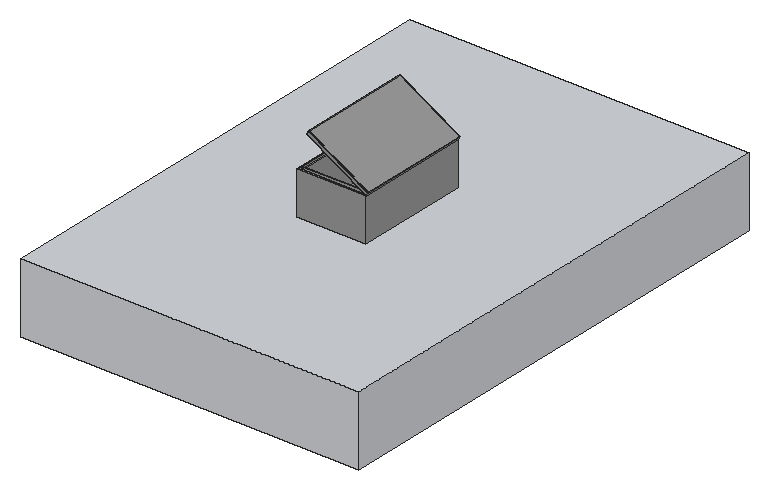
Revit family "Hager-Univers-IP44-D205-Cl.I-enclosure_metering-CH-de", category Equipement électrique, Revit 2020
Family settings
  Hôte = Face
  Configuration du panneau = Deux colonnes, circuits au sein
  Cote de connecteur circulaire = Utiliser le diamètre
  Type d'élément = Tableau de raccordement
  Couper avec des vides une fois chargée = Non
  Partagée = Non
  Point de calcul de pièce = Non
Parameters (values of type "Aufputz IP44 B300 H500 T205  - ZB011T")
  Width Control [instance] = if([EF000008 - Breite] > Min Width, [EF000008 - Breite], Min Width)  # 300 mm
  Commentaires du type = [HG000003 - Bereich]  # "Univers"
  Thickness Door [instance] = if([EF009171 - Materialstärke Tür/Deckel] > 3 mm, 3 mm, [EF009171 - Materialstärke Tür/Deckel])  # 1 mm
  Seal Frame Offset [instance] = 17 mm  # constant formula
  Plinth Visibility [instance] = [HG000027 - Sockelhöhe] > 0 mm  # no
  Model = ""
  Min Width [instance] = 100 mm  # constant formula
  Min Height [instance] = 100 mm  # constant formula
  Min Depth [instance] = (2 * [EF009170 - Materialstärke Gehäuse]) + 1 mm  # 3 mm
  Internal Frame Depth [instance] = (Door System Depth * 0.5)  # 9 mm
  Height Control [instance] = if([EF000040 - Höhe] > Min Height, [EF000040 - Höhe], Min Height)  # 500 mm
  HG000027 - Sockelhöhe = 0 mm
  HG000026 - Stehend auf dem Boden = no
  HG000024 - Höhe des unteren Teils = 800 mm
  HG000023 - Gehäuse mit doppeltem Querschnitt = no
  HG000016 - 3D-Türsichtbarkeit [instance] = yes
  HG000015 - Sichtbarkeit der Türöffnung [instance] = no
  HG000014 - Tür rechts [instance] = yes
  HG000013 - Tür links [instance] = not([HG000014 - Tür rechts])  # no
  HG000012 - Türschwenkwinkel [instance] = 30.00°
  HG000010 - Asymmetrische Türen = no
  HG000009 - Doppelflügeligen Tür = no
  HG000006 - Unterputz = no
  HG000004 - Herstellerreferenz = "ZB011T"
  HG000003 - Bereich = "Univers"
  HG000002 - Mit tür = yes
  Frame Offset Bottom [instance] = 10 mm  # constant formula
  Frame Offset [instance] = 15 mm  # constant formula
  EF015940 - Deckel mit Überdruckentlastung = no
  EF011959 - Schutzart (NEMA) = ""
  EF009554 - Anzahl der Öffnungen für Flanschplatten = 0
  Fabricant = "Hager"  # constant formula
  EF009212 - Ausführung Deckel = "EV000116 - geschlossen"
  EF009171 - Materialstärke Tür/Deckel = 1 mm
  EF009170 - Materialstärke Gehäuse = 1 mm
  EF008873 - Nennstrom (In) = 250 A
  EF007800 - Geeignet für Blitzschutz = no
  EF006306 - Mit Schloss = no
  EF006244 - Transparenter Deckel/Tür = no
  EF005474 - Schutzart (IP) = "EV006418 - IP44"
  EF004464 - Art der Tür = "EV002646 - Einzel"
  EF004427 - Anzahl der Module = 48
  EF004293 - Schlagfestigkeit = "EV006815 - IK09"
  EF003532 - Geeignet für Außengebrauch = no
  EF002950 - Breite in Teilungseinheiten = 0
  EF001613 - Funktionserhalt = "EV000494 - ohne"
  EF001596 - Werkstoff des Gehäuses = "EV000179 - Stahl"
  EF001131 - Innentiefe = 0 mm
  EF001088 - Anbaumöglichkeit = yes
  EF000437 - Anzahl der Leitungseinführungen = 0
  EF000339 - Art der Abdeckung = "EV004216 - Tür"
  EF000266 - Anzahl der Reihen = 4
  EF000218 - Einbautiefe = 0 mm
  EF000118 - Mit Montageplatte = no
  EF000116 - RAL-Nummer = "9010"
  EF000049 - Tiefe = 205 mm
  EF000040 - Höhe = 500 mm
  EF000008 - Breite = 300 mm
  EF000007 - Farbe = "EV000202 - weiß"
  EF000003 - Montageart = "EV000384 - Aufputz"
  Door System Leaf Tolerance [instance] = 1.5 mm  # constant formula
  Door System Depth [instance] = 18 mm  # constant formula
  Door Height [instance] = Height Control - [HG000027 - Sockelhöhe]  # 500 mm
  Depth Control [instance] = if([EF000049 - Tiefe] > Min Depth, [EF000049 - Tiefe], Min Depth)  # 205 mm
  Default Elevation = 0 mm
  Connector Offset [instance] = Height Control / 2  # 250 mm
  Bottom Top Plate Trim [instance] = 1.5 mm  # constant formula
  Plinth height Ctrl [instance] = if([HG000027 - Sockelhöhe] > 0 mm, [HG000027 - Sockelhöhe], 12 mm)  # 12 mm
Types (3, lengths in mm): name | Width Control | HG000004 - Herstellerreferenz | EF004464 - Art der Tür | EF004427 - Anzahl der Module | EF000266 - Anzahl der Reihen | EF000008 - Breite
  Aufputz IP44 B1050 H500 T205  - ZB014T | 1050 | "ZB014T" | "EV003602 - Doppel" | 144 | 0 | 1050
  Aufputz IP44 B1300 H500 T205  - ZB015T | 1300 | "ZB015T" | "EV003602 - Doppel" | 180 | 0 | 1300
  Aufputz IP44 B300 H500 T205  - ZB011T | 300 | "ZB011T" | "EV002646 - Einzel" | 48 | 4 | 300
Reference planes
  plane 1 "Center (Front/Back)": y = 0
  plane 2: z = 0
  plane 3 "Center (Left/Right)": x = 0
  plane 4: z = 205
  plane 5: y = 1
  plane 6: y = 250
  plane 7: y = 0
  plane 8: y = 500
  plane 9: z = 0
  plane 10: x = -135
  plane 11: x = 135
  plane 12: x = 134
  plane 13: x = -134
  plane 14: y = 499
  plane 15: x = -133
  plane 16: x = -150
  plane 17: x = 133
  plane 18: x = 150
  plane 19: x = 149
  plane 20: x = -149
  plane 21: y = 11
  plane 22: y = 500
  plane 23: y = 484
  plane 24: z = 187
  plane 25: z = 1
  plane 26: z = 186
  plane 27: z = 204
Forms (mm)
  Extrusion 1, solid
    sketch origin (0, 0, 0) x (1, 0, 0) y (0, 1, 0)
      loop
        line (-702.964, 1305) -> (-702.964, -811.445) -> (766.763, -811.445) -> (766.763, 1305) -> (-702.964, 1305)
    from 0 to -304.8
  Extrusion 2, solid, material "Hager_Steel_RAL7035_Light_Grey", visible <- "Plinth Visibility", detail levels medium+fine
    sketch origin (0, 0, 0) x (1, 0, 0) y (0, 1, 0)
      loop
        line (-150, 0) -> (150, 0) -> (150, 12) -> (-150, 12) -> (-150, 0)
    from 0 to 187
  Extrusion 3, solid, material "Hager_Steel_RAL7035_Light_Grey", detail levels medium+fine
    sketch origin (0, 0, 0) x (1, 0, 0) y (0, 1, 0)
      loop
        line (-150, 0) -> (150, 0) -> (150, 500) -> (-150, 500) -> (-150, 0)
    from 0 to 187
  Extrusion 4, void
    sketch origin (0, 0, 0) x (1, 0, 0) y (0, 1, 0)
      loop
        line (-149, 1) -> (149, 1) -> (149, 499) -> (-149, 499) -> (-149, 1)
    from 1 to 186
  Extrusion 5, void
    sketch origin (-381.607, -4572, 187) x (0, -1, 0) y (-1, 0, 0)
      loop
        line (-4583, -247.607) -> (-5056, -247.607) -> (-5056, -515.607) -> (-4583, -515.607) -> (-4583, -247.607)
    from 0 to 1 <- "EF009170 - Materialstärke Gehäuse"
  Extrusion 6, solid, material "Hager_Steel_RAL7035_Light_Grey", detail levels fine
    sketch origin (0, 0, 187) x (1, 0, 0) y (0, 1, 0)
      loop
        line (-134, 484) -> (-134, 11) -> (134, 11) -> (134, 484) -> (-134, 484)
      loop
        line (-135, 10) -> (135, 10) -> (135, 485) -> (-135, 485) -> (-135, 10)
    from 0 to 9 <- "Internal Frame Depth"
  Extrusion 7, solid, material "Hager_Steel_RAL7035_Light_Grey", detail levels coarse
    sketch origin (0, 0, 0) x (1, 0, 0) y (0, 1, 0)
      loop
        line (-150, 0) -> (150, 0) -> (150, 500) -> (-150, 500) -> (-150, 0)
    from 0 to 205
  Sweep 8, void
    path in 3D
      loop
        line (-150, 12, 0) -> (150, 12, 0) -> (150, 12, 187) -> (-150, 12, 187) -> (-150, 12, 0)
    profile origin (-150, 12, 93.5) x (-1, 0, 0) y (0, -1, 0)
      loop
        line (0, 0) -> (0, 1.5) -> (-1.5, 1.5)
        arc (-1.5, 1.5) -> (-1.061, 0.439) -> (0, 0) r 1.5
Cuts and joins
  Extrusion 4, Extrusion 5 cuts Extrusion 3
  Sweep 8 cuts Extrusion 2
Lines and regions (mm)
  Masking region 1
    outline origin (0, 0, 0) x (1, 0, 0) y (0, 0, 1)
      loop
        line (-150, 205) -> (-150, 0) -> (150, 0) -> (150, 205) -> (-150, 205)
  Masking region 2, detail levels medium+fine
    outline origin (0, 140, 0) x (0, 1, 0) y (0, 0, 1)
      loop
        line (-140, 0) -> (360, 0) -> (360, 187) -> (-140, 187) -> (-140, 0)
  Masking region 3, not visible, detail levels medium+fine
    outline origin (0, 297.922, 0) x (0, 1, 0) y (0, 0, 1)
      loop
        line (-36.422, 0) -> (3.578, 0) -> (3.578, 194)
        arc (3.578, 194) -> (0.649, 201.071) -> (-6.422, 204) r 10
        line (-6.422, 204) -> (-36.422, 204) -> (-36.422, 0)
  Masking region 4, detail levels coarse
    outline origin (0, 0, 180) x (0, 1, 0) y (0, 0, 1)
      loop
        line (0, -180) -> (500, -180) -> (500, 25) -> (0, 25) -> (0, -180)
  Masking region 5, visible <- "Plinth Visibility", detail levels medium+fine
    outline origin (0, 52.24, 12.345) x (0, 0, -1) y (0, 1, 0)
      loop
        line (10.845, -40.24) -> (-173.155, -40.24)
        arc (-173.155, -40.24) -> (-173.594, -41.301) -> (-174.655, -41.74) r 1.5
        line (-174.655, -41.74) -> (-174.655, -52.24) -> (12.345, -52.24) -> (12.345, -41.74)
        arc (12.345, -41.74) -> (11.285, -41.301) -> (10.845, -40.24) r 1.5
  Masking region 6, detail levels medium+fine
    outline origin (-381.607, -4572, 187) x (-1, 0, 0) y (0, -1, 0)
      loop
        line (-231.607, -5072) -> (-231.607, -4572) -> (-531.607, -4572) -> (-531.607, -5072) -> (-231.607, -5072)
  Masking region 7, visible <- "Plinth Visibility", detail levels medium+fine
    outline origin (-381.607, -4727, 187) x (-1, 0, 0) y (0, -1, 0)
      loop
        arc (-233.107, -4739) -> (-232.668, -4737.939) -> (-231.607, -4737.5) r 1.5
        line (-231.607, -4737.5) -> (-231.607, -4727) -> (-531.607, -4727) -> (-531.607, -4737.5)
        arc (-531.607, -4737.5) -> (-530.546, -4737.939) -> (-530.107, -4739) r 1.5
        line (-530.107, -4739) -> (-233.107, -4739)
  Masking region 8, detail levels coarse
    outline origin (-442.548, -4669.526, 187) x (-1, 0, 0) y (0, -1, 0)
      loop
        line (-292.548, -5169.526) -> (-292.548, -4669.526) -> (-592.548, -4669.526) -> (-592.548, -5169.526) -> (-292.548, -5169.526)
  sketch lines
    curve 1: line (-150, 12, 187) -> (-150, 12, 0)
    curve 2: line (150, 12, 187) -> (-150, 12, 187)
    curve 3: line (150, 12, 187) -> (150, 12, 0)
    curve 4: line (-150, 12, 0) -> (150, 12, 0)
Dimensions and locks
  "Depth Control": plane 4 to Extrusion 1
  "HG000027 - Sockelhöhe": plane 1 "Center (Front/Back)" to plane 7
  "EF009170 - Materialstärke Gehäuse": plane 5 to plane 7
  locked: connector elem to plane 3 "Center (Left/Right)"
  equal spacing: plane 8, plane 6, plane 7
  locked: connector elem to plane 6
  "EF009170 - Materialstärke Gehäuse": plane 8 to plane 14
  "EF009170 - Materialstärke Gehäuse": plane 10 to plane 13
  "EF009170 - Materialstärke Gehäuse": plane 12 to plane 11
  "Frame Offset": plane 20 to plane 13
  "Frame Offset": plane 12 to plane 19
  "EF009170 - Materialstärke Gehäuse": plane 16 to plane 20
  "EF009170 - Materialstärke Gehäuse": plane 19 to plane 18
  "Seal Frame Offset": plane 16 to plane 15
  "Seal Frame Offset": plane 17 to plane 18
  "Frame Offset Bottom": plane 21 to plane 5
  "Frame Offset": plane 14 to plane 23
  equal spacing: plane 16, plane 3 "Center (Left/Right)", plane 18
  "Width Control": plane 16 to plane 18
  "EF009170 - Materialstärke Gehäuse": plane 4 to plane 27
  "EF009170 - Materialstärke Gehäuse": plane 24 to plane 26
  "EF009170 - Materialstärke Gehäuse": plane 25 to level
  "Door System Depth": plane 4 to plane 24
  "Height Control": plane 1 "Center (Front/Back)" to Extrusion 7 sketch curve
  "Height Control": Masking region 4 sketch curve to plane 1 "Center (Front/Back)"
  "Height Control": plane 1 "Center (Front/Back)" to plane 22
  "Bottom Top Plate Trim": profile plane to Sweep 8 sketch curve
  "Bottom Top Plate Trim": Sweep 8 sketch curve to profile plane
  "Plinth height Ctrl": plane 1 "Center (Front/Back)" to Extrusion 2 sketch curve
  "Plinth height Ctrl": Masking region 5 sketch curve to plane 1 "Center (Front/Back)"
  "Plinth height Ctrl": plane 1 "Center (Front/Back)" to Masking region 7 sketch curve
  "Thickness Door": Extrusion 6 sketch curve to Extrusion 6 sketch curve  (x3)
  "Thickness Door": cut or joined group of Extrusion 3, Extrusion 4, Extrusion 5 to Extrusion 6 sketch curve
  radius of Masking region 3 sketch curve = 10 mm
  "Bottom Top Plate Trim": radius of Masking region 5 sketch curve  (x2)
  "Bottom Top Plate Trim": radius of Sweep 8 sketch curve
  "Bottom Top Plate Trim": radius of Masking region 7 sketch curve  (x2)
  aligned and locked: plane 2 to Extrusion 1
  aligned and locked: level to Extrusion 1
  aligned and locked: level to Masking region 1 sketch curve
  aligned and locked: Masking region 1 sketch curve to plane 18
  aligned and locked: Masking region 1 sketch curve to plane 16
  aligned and locked: plane 7 to Masking region 2 sketch curve
  aligned and locked: level to Masking region 3 sketch curve
  aligned and locked: Masking region 3 sketch curve to plane 27
  aligned and locked: level to Masking region 2 sketch curve
  aligned and locked: plane 1 "Center (Front/Back)" to Extrusion 2 sketch curve
  aligned and locked: Extrusion 3 sketch curve to plane 7
  aligned and locked: plane 16 to Extrusion 3 sketch curve
  aligned and locked: plane 18 to Extrusion 3 sketch curve
  aligned and locked: plane 20 to Extrusion 4 sketch curve
  aligned and locked: plane 19 to Extrusion 4 sketch curve
  aligned and locked: Extrusion 4 sketch curve to plane 5
  aligned and locked: Extrusion 4 to plane 25
  aligned and locked: plane 26 to Extrusion 4
  aligned and locked: plane 24 to Extrusion 3
  aligned and locked: plane 21 to Extrusion 5 sketch curve
  aligned and locked: Extrusion 5 sketch curve to plane 13
  aligned and locked: Extrusion 5 sketch curve to plane 12
  aligned and locked: plane 18 to Extrusion 7 sketch curve
  aligned and locked: plane 1 "Center (Front/Back)" to Extrusion 7 sketch curve
  aligned and locked: plane 16 to Extrusion 7 sketch curve
  aligned and locked: plane 4 to Extrusion 7
  aligned and locked: Extrusion 7 to level
  aligned and locked: level to Masking region 4 sketch curve
  aligned and locked: Masking region 4 sketch curve to plane 1 "Center (Front/Back)"
  aligned and locked: Masking region 4 sketch curve to plane 4
  aligned and locked: nested 1 to level
  aligned and locked: nested 1 to plane 16
  aligned and locked: plane 8 to Extrusion 3 sketch curve
  aligned and locked: plane 23 to Extrusion 5 sketch curve
  aligned and locked: plane 14 to Extrusion 4 sketch curve
  aligned and locked: Masking region 2 sketch curve to plane 8
  aligned and locked: level to Masking region 5 sketch curve
  aligned and locked: plane 16 to Extrusion 2 sketch curve
  aligned and locked: plane 18 to Extrusion 2 sketch curve
  aligned and locked: Masking region 5 sketch curve to plane 24
  aligned and locked: Masking region 2 sketch curve to plane 24
  aligned and locked: plane 24 to Extrusion 2
  aligned and locked: profile plane to Sweep 8 sketch curve  (x2)
  aligned and locked: Masking region 6 sketch curve to plane 18
  aligned and locked: Masking region 6 sketch curve to plane 22
  aligned and locked: Masking region 6 sketch curve to plane 16
  aligned and locked: plane 8 to plane 22
  aligned and locked: plane 7 to Masking region 6 sketch curve
  aligned and locked: Masking region 7 sketch curve to plane 16
  aligned and locked: Masking region 7 sketch curve to plane 1 "Center (Front/Back)"
  aligned and locked: Masking region 7 sketch curve to plane 18
  aligned and locked: Masking region 8 sketch curve to plane 1 "Center (Front/Back)"
  aligned and locked: Masking region 8 sketch curve to plane 18
  aligned and locked: Masking region 8 sketch curve to plane 22
  aligned and locked: Masking region 8 sketch curve to plane 16
  aligned and locked: nested 2 to plane 7
  aligned and locked: plane 3 "Center (Left/Right)" to nested 2
  aligned and locked: plane 24 to nested 2
  aligned and locked: Extrusion 6 sketch curve to cut or joined group of Extrusion 3, Extrusion 4, Extrusion 5  (x4)
Automatic sketch dimensions
  Extrusion 1 sketch curve to Extrusion 1 sketch curve = 1469.727 mm
  Extrusion 1 sketch curve to Extrusion 1 sketch curve = 2116.445 mm
  Masking region 1 sketch curve to plane 4 = 0 mm
  plane 6 to Masking region 3 sketch curve = 11.5 mm
  Masking region 3 sketch curve to Masking region 3 sketch curve = 30 mm
  Masking region 5 sketch curve to plane 1 "Center (Front/Back)" = 0 mm
Nested families
  nested 1: "Hager_Enclosure_Symbol" at (-150, 0, 0) x (1, 0, 0) z (0, -1, 0), Height <- "Depth Control", Width <- "Width Control", type "Hager_Enclosure_Symbol"
    with Width_Ctrl 300 mm, Width 300 mm, Height_Ctrl 205 mm, Height 205 mm, A_Width_Int 13.453 mm, A_Width 161.438 mm, A_Height_Ctrl 179.375 mm, A_Height 179.375 mm
  nested 2: "EC000058_Univers_Door" at (0, 0, 187) x (1, 0, 0) z (0, 1, 0), Leaf_Tolerance <- "Door System Leaf Tolerance", Angle <- "HG000012 - Türschwenkwinkel", Door_Depth <- "Door System Depth", Door_Left <- "HG000013 - Tür links", Transparent <- "EF006244 - Transparenter Deckel/Tür", Assymetrical <- "HG000010 - Asymmetrische Türen", Width <- "Width Control", Clearance <- "HG000015 - Sichtbarkeit der Türöffnung", Double <- "HG000009 - Doppelflügeligen Tür", 3d_Door <- "HG000016 - 3D-Türsichtbarkeit", Lock_Visibility <- "EF006306 - Mit Schloss", Width_Ctrl <- "Width Control", Door_Right <- "HG000014 - Tür rechts", Door <- "HG000002 - Mit tür", Height <- "Door Height", Thickness <- "Thickness Door", type "EC000058_Univers_Door", detail levels medium+fine
    with min_wh 3 mm, Width_Ctrl 300 mm, Width 300 mm, Transparent no, Thickness 1 mm, Seal_Material Hager_Rubber, Lock_Visibility no, Lock_Material Hager_Plastic_RAL9005_Jet_Black, Leaf_Width 300 mm, Leaf_Tolerance_External_Sides 0 mm, Leaf_Tolerance 1.5 mm, Leaf_Offset 0 mm, Leaf_Height 497 mm, Leaf_2_Width 300 mm, Leaf_2_Offset 150 mm, Leaf_1_Width 300 mm, Leaf_1_Offset 150 mm, Height_Ctrl 500 mm, Height 500 mm, Glass_Material Hager_Glass, Double_Clearance_Ctrl no, Double no, Door_Right_Ctrl yes, Door_Right yes, Door_Material Hager_Steel_RAL7035_Light_Grey, Door_Left_Ctrl no, Door_Left no, Door_Depth 18 mm, Door yes, Clearance_Material Hager_Clearance, Clearance_Depth 300 mm, Clearance_Ctrl no, Clearance no, Assymetrical no, Angle 30.00°, 3d_Door yes
Connectors
  electrical at (0, 250, 0)
    settings: on plane 9, index 1, voltage 0 V, apparent load 0 VA, apparent load phase1 0 VA, apparent load phase2 0 VA, apparent load phase3 0 VA, power factor 1, load classification "Other", number of poles 1, system type 30, power factor state 1, is connector primary yes, connector utility no, sub classification motor no, connector description ""
Definition of nested family "EC000058_Univers_Door"
  Parameters (values of type "EC000058_Univers_Door")
    min_wh [instance] = (2 * Thickness) + 1 mm  # 11 mm
    Width_Ctrl [instance] = 400 mm
    Width [instance] = 500 mm
    Transparent [instance] = yes
    Thickness [instance] = 5 mm
    Seal_Material [instance] = none
    Lock_Visibility [instance] = yes
    Lock_Material [instance] = none
    Leaf_Width [instance] = if((Width_Ctrl - 2 * Leaf_Tolerance_External_Sides) > 0 mm, (Width_Ctrl - 2 * Leaf_Tolerance_External_Sides), min_wh)  # 400 mm
    Leaf_Tolerance_External_Sides [instance] = 0 mm  # constant formula
    Leaf_Tolerance [instance] = 1.5 mm
    Leaf_Offset [instance] = 0 mm  # constant formula
    Leaf_Height [instance] = if((Height_Ctrl - 2 * Leaf_Tolerance) > 0 mm, (Height_Ctrl - 2 * Leaf_Tolerance), min_wh)  # 497 mm
    Leaf_2_Width [instance] = if(and(and(Double, Assymetrical), Door_Left), (Leaf_Width / 3) - (Leaf_Tolerance / 2), if(and(and(Double, Assymetrical), Door_Right), (Leaf_Width / 3) * 2 - (Leaf_Tolerance / 2), if(and(Double, not(Assymetrical)), (Leaf_Width / 2) - Leaf_Tolerance, Leaf_Width)))  # 400 mm
    Leaf_2_Offset [instance] = if(and(Double, Assymetrical), Leaf_2_Width / 2, if(and(Double, not(Assymetrical)), Leaf_Width / 4, Leaf_Width / 2))  # 200 mm
    Leaf_1_Width [instance] = if(and(and(Double, Assymetrical), Door_Right), (Leaf_Width / 3) - (Leaf_Tolerance / 2), if(and(and(Double, Assymetrical), Door_Left), (Width / 3) * 2 - (Leaf_Tolerance / 2), if(and(Double, not(Assymetrical)), (Leaf_Width / 2) - Leaf_Tolerance, Leaf_Width)))  # 400 mm
    Leaf_1_Offset [instance] = if(and(Double, Assymetrical), Leaf_1_Width / 2, if(and(Double, not(Assymetrical)), Leaf_Width / 4, Leaf_Width / 2))  # 200 mm
    Height_Ctrl [instance] = if(Height > min_wh, Height, min_wh)  # 500 mm
    Height [instance] = 500 mm
    Glass_Material [instance] = none
    Double_Clearance_Ctrl [instance] = and(Double, Clearance)  # no
    Double [instance] = no
    Door_Right_Ctrl [instance] = and(or(Door_Right, Double), Door)  # yes
    Door_Right [instance] = yes
    Door_Material [instance] = none
    Door_Left_Ctrl [instance] = and(or(Door_Left, Double), Door)  # no
    Door_Left [instance] = no
    Door_Depth [instance] = 30 mm
    Door [instance] = yes
    Default Elevation = 1219.2 mm
    Clearance_Material [instance] = none
    Clearance_Depth [instance] = if(Leaf_1_Width > Leaf_2_Width, Leaf_1_Width, Leaf_2_Width)  # 400 mm
    Clearance_Ctrl [instance] = and(not(Double), Clearance)  # yes
    Clearance [instance] = yes
    Assymetrical [instance] = yes
    Angle [instance] = 30.00°
    3d_Door [instance] = yes
  Reference planes
    plane 1 "Center (Front/Back)": y = 0
    plane 2 "Bottom": z = 0
    plane 3 "Center (Left/Right)": x = 0
    plane 4: z = 500
    plane 5: x = -200
    plane 6: x = 200
    plane 7: z = 500
    plane 8: x = -200
    plane 9: z = 0
    plane 10: x = 200
    plane 11: y = 0
    plane 12: z = 1.5
    plane 13: x = -600
    plane 14: y = -400
    plane 15: x = 600
    plane 16: x = 0
    plane 17: x = 0
    plane 18: x = -200
    plane 19: x = 200
    plane 20: z = 498.5
  Forms (mm)
    Extrusion 1, solid, material <- "Clearance_Material", visible <- "Double_Clearance_Ctrl"
      sketch origin (1200, 0, 0) x (1, 0, 0) y (0, 0, -1)
        loop
          line (-1800, -498.5) -> (-600, -498.5) -> (-600, 0) -> (-1800, 0) -> (-1800, -498.5)
      from 0 to -400
  Dimensions and locks
    equal spacing: plane 5, plane 3 "Center (Left/Right)", plane 6
    "Width_Ctrl": plane 5 to plane 6
    "Leaf_Offset": plane 5 to plane 8
    "Leaf_Offset": plane 6 to plane 10
    "Leaf_Offset": plane 9 to level
    "Leaf_Offset": plane 4 to plane 7
    "Height_Ctrl": plane 4 to level
    "Leaf_Tolerance": plane 12 to plane 9
    locked: plane 11 to plane 1 "Center (Front/Back)"
    "Leaf_1_Offset": plane 18 to plane 16
    "Leaf_2_Offset": plane 17 to plane 19
    "Leaf_1_Width": plane 13 to plane 8
    "Leaf_2_Width": plane 10 to plane 15
    "Clearance_Depth": plane 14 to plane 1 "Center (Front/Back)"
    "Leaf_Tolerance_External_Sides": plane 8 to plane 18
    "Leaf_Tolerance_External_Sides": plane 19 to plane 10
    "Leaf_Tolerance": plane 7 to plane 20
    aligned and locked: level to plane 2 "Bottom"
    aligned and locked: nested 1 to plane 16
    aligned and locked: nested 2 to plane 17
    aligned and locked: Extrusion 1 to plane 13
    aligned and locked: plane 15 to Extrusion 1
    aligned and locked: Extrusion 1 to plane 14
    aligned and locked: plane 12 to nested 1
    aligned and locked: nested 2 to plane 12
    aligned and locked: Extrusion 1 to plane 11
    aligned and locked: plane 20 to Extrusion 1
    aligned and locked: nested 2 to plane 11
    aligned and locked: nested 1 to plane 11
  Automatic sketch dimensions
    Extrusion 1 sketch curve to level = 0 mm
    plane 5 to Extrusion 1 sketch curve = 400 mm
    plane 6 to Extrusion 1 sketch curve = 400 mm
    Extrusion 1 sketch curve to plane 4 = 1.5 mm
  Nested families
    nested 1: "EC000058_Univers_Door_Leaf" at (0, 0, 1.5), Width <- "Leaf_1_Width", visible <- "Door_Left_Ctrl", Leaf_Height <- "Leaf_Height", Angle <- "Angle", 3d_Door <- "3d_Door", Transparent <- "Transparent", Clearance Material <- "Clearance_Material", Clearance <- "Clearance_Ctrl", Door_Material <- "Door_Material", Glass_Material <- "Glass_Material", Door_Depth <- "Door_Depth", Lock_Material <- "Lock_Material", Seal_Material <- "Seal_Material", Lock_Visibility <- "Lock_Visibility", Thickness <- "Thickness", type "EC000058_Univers_Door_Leaf"
      with Width 400 mm, Transparent_Glass_Offset 30 mm, Transparent_Ctrl yes, Transparent yes, Thickness 5 mm, Standard no, Seal_Material none, Seal_D2 8 mm, Seal_D1 1 mm, Offset_Internal_Frame 10 mm, Lock_Width 20 mm, Lock_Visibility_3d yes, Lock_Visibility yes, Lock_Thickness_3 3 mm, Lock_Thickness_2 1 mm, Lock_Thickness_1 3 mm, Lock_Radius_Offset_2 16 mm, Lock_Radius_Offset_1 15 mm, Lock_Radius_2 5 mm, Lock_Radius 6 mm, Lock_Offset 5 mm, Lock_Material none, Lock_Height 80 mm, Lock_Cover_Top_Offset_2d 17 mm, Lock_Cover_Height -65 mm, Leaf_Height 497 mm, Internal_Seal_Thickness 8 mm, Internal_Seal_Depth_2 4.5 mm, Internal_Frame_Depth 25 mm, Glass_Thickness -1 mm, Glass_Offset -2 mm, Glass_Material none, Door_Material none, Door_Depth 30 mm, Clearance Material none, Clearance yes, Angle_Ctrl 30.00°, Angle 30.00°, 3d_Door yes
    nested 2: "EC000058_Univers_Door_Leaf" at (0, 0, 1.5) x (-1, 0, 0) z (0, 0, 1), Width <- "Leaf_2_Width", visible <- "Door_Right_Ctrl", Leaf_Height <- "Leaf_Height", Angle <- "Angle", 3d_Door <- "3d_Door", Transparent <- "Transparent", Clearance Material <- "Clearance_Material", Clearance <- "Clearance_Ctrl", Door_Material <- "Door_Material", Glass_Material <- "Glass_Material", Door_Depth <- "Door_Depth", Lock_Material <- "Lock_Material", Seal_Material <- "Seal_Material", Lock_Visibility <- "Lock_Visibility", Thickness <- "Thickness", type "EC000058_Univers_Door_Leaf"
      with Width 400 mm, Transparent_Glass_Offset 30 mm, Transparent_Ctrl yes, Transparent yes, Thickness 5 mm, Standard no, Seal_Material none, Seal_D2 8 mm, Seal_D1 1 mm, Offset_Internal_Frame 10 mm, Lock_Width 20 mm, Lock_Visibility_3d yes, Lock_Visibility yes, Lock_Thickness_3 3 mm, Lock_Thickness_2 1 mm, Lock_Thickness_1 3 mm, Lock_Radius_Offset_2 16 mm, Lock_Radius_Offset_1 15 mm, Lock_Radius_2 5 mm, Lock_Radius 6 mm, Lock_Offset 5 mm, Lock_Material none, Lock_Height 80 mm, Lock_Cover_Top_Offset_2d 17 mm, Lock_Cover_Height -65 mm, Leaf_Height 497 mm, Internal_Seal_Thickness 8 mm, Internal_Seal_Depth_2 4.5 mm, Internal_Frame_Depth 25 mm, Glass_Thickness -1 mm, Glass_Offset -2 mm, Glass_Material none, Door_Material none, Door_Depth 30 mm, Clearance Material none, Clearance yes, Angle_Ctrl 30.00°, Angle 30.00°, 3d_Door yes
  Definition of nested family "EC000058_Univers_Door_Leaf"
    Parameters (values of type "EC000058_Univers_Door_Leaf")
      Width [instance] = 2000 mm
      Transparent_Glass_Offset [instance] = 30 mm
      Transparent_Ctrl [instance] = and(Transparent, [3d_Door])  # yes
      Transparent [instance] = yes
      Thickness [instance] = 5 mm
      Standard [instance] = and(not(Transparent), [3d_Door])  # no
      Seal_Material [instance] = none
      Seal_D2 [instance] = 8 mm  # constant formula
      Seal_D1 [instance] = 1 mm  # constant formula
      Offset_Internal_Frame [instance] = 10 mm  # constant formula
      Lock_Width [instance] = 20 mm  # constant formula
      Lock_Visibility_3d [instance] = and(Lock_Visibility, [3d_Door])  # yes
      Lock_Visibility [instance] = yes
      Lock_Thickness_3 [instance] = 3 mm  # constant formula
      Lock_Thickness_2 [instance] = 1 mm  # constant formula
      Lock_Thickness_1 [instance] = 3 mm  # constant formula
      Lock_Radius_Offset_2 [instance] = Lock_Radius_Offset_1 + 1 mm  # 16 mm
      Lock_Radius_Offset_1 [instance] = 15 mm  # constant formula
      Lock_Radius_2 [instance] = Lock_Radius - 1 mm  # 5 mm
      Lock_Radius [instance] = 6 mm  # constant formula
      Lock_Offset [instance] = 5 mm  # constant formula
      Lock_Material [instance] = none
      Lock_Height [instance] = 80 mm  # constant formula
      Lock_Cover_Top_Offset_2d [instance] = Lock_Radius_Offset_2 + 1 mm  # 17 mm
      Lock_Cover_Height [instance] = -(Lock_Height - Lock_Radius_Offset_1)  # -65 mm
      Leaf_Height [instance] = 2720.336 mm
      Internal_Seal_Thickness [instance] = 8 mm  # constant formula
      Internal_Seal_Depth_2 [instance] = 4.5 mm  # constant formula
      Internal_Frame_Depth [instance] = if(Door_Depth - Thickness > 5 mm, Door_Depth - Thickness, 5 mm)  # 25 mm
      Glass_Thickness [instance] = if(Thickness > 15 mm, Glass_Offset + 10 mm, -1 mm)  # -1 mm
      Glass_Offset [instance] = if(Thickness > 15 mm, -(Thickness + 10 mm) / 2, -2 mm)  # -2 mm
      Glass_Material [instance] = none
      Door_Material [instance] = none
      Door_Depth [instance] = 30 mm
      Default Elevation = 0 mm
      Clearance Material [instance] = none
      Clearance [instance] = yes
      Angle_Ctrl [instance] = if(Angle > 180.00°, 180.00°, Angle)  # 90.00°
      Angle [instance] = 90.00°
      3d_Door [instance] = yes
    Reference planes
      plane 1 "Center (Front/Back)": y = 0
      plane 2: z = 0
      plane 3 "Center (Left/Right)": x = 0
      plane 4: y = 2000
      plane 5: x = -1000
      plane 6: x = 1000
      plane 7: x = -3000
      plane 8: z = 2720.336
      plane 9: z = 30
      plane 10: z = 2690.336
      plane 11: x = 970
      plane 12: x = -970
      plane 13: y = -3
      plane 14: z = 107.833
      plane 15: y = -5
      plane 16: y = -223.314
      plane 17: x = -1000
      plane 18: z = 1360.168
      plane 19: y = 30
    Forms (mm)
      Extrusion 1, solid, material <- "Clearance Material", visible <- "Clearance"
        sketch origin (0, 0, 0) x (1, 0, 0) y (0, 0, 1)
          loop
            line (-3000, 2720.336) -> (-3000, 0) -> (1000, 0) -> (1000, 2720.336) -> (-3000, 2720.336)
        from 0 to -2000
      Extrusion 2, solid, material <- "Door_Material", visible <- "Standard", detail levels medium+fine
        sketch origin (-1000, 0, 0) x (0, 1, 0) y (-1, 0, 0)
          loop
            line (0, 30) -> (0, 25) -> (2000, 25) -> (2000, 30) -> (0, 30)
        from 0 to 2720.336 <- "Leaf_Height"
      Extrusion 3, solid, material <- "Door_Material", visible <- "Transparent_Ctrl", detail levels medium+fine
        sketch origin (-1000, 0, 0) x (0, 1, 0) y (-1, 0, 0)
          loop
            line (0, 25) -> (2000, 25) -> (2000, 30) -> (0, 30) -> (0, 25)
        from 0 to 2720.336 <- "Leaf_Height"
      Extrusion 4, void
        sketch origin (-1025, 2000, 0) x (0, 1, 0) y (0, 0, -1)
          loop
            line (-30, -2690.336) -> (-30, -30) -> (-1970, -30) -> (-1970, -2690.336) -> (-30, -2690.336)
        from 0 to 5 <- "Thickness"
      Sweep 5, solid, material <- "Seal_Material", visible <- "Transparent_Ctrl", detail levels fine
        path in 3D
          loop
            line (-1025, 30, 30) -> (-1025, 30, 2690.336) -> (-1025, 1970, 2690.336) -> (-1025, 1970, 30) -> (-1025, 30, 30)
        profile origin (-1025, 1000, 30) x (1, 0, 0) y (0, 0, 1)
          loop
            line (0, 0) -> (0, -8) -> (1, -8) -> (1, 0) -> (0, 0)
      Extrusion 6, solid, material <- "Glass_Material", visible <- "Transparent_Ctrl", detail levels medium+fine
        sketch origin (-1030, 0, 0) x (0, 1, 0) y (0, 0, -1)
          loop
            line (1970, -2690.336) -> (1970, -30) -> (30, -30) -> (30, -2690.336) -> (1970, -2690.336)
        from -2 <- "Glass_Offset" to -1 <- "Glass_Thickness"
      Extrusion 7, solid, material <- "Door_Material", visible <- "3d_Door", detail levels medium+fine
        sketch origin (-1025, 2000, 0) x (0, -1, 0) y (0, 0, -1)
          loop
            line (0, -2720.336) -> (2000, -2720.336) -> (2000, 0) -> (0, 0) -> (0, -2720.336)
          loop
            line (1995, -5) -> (5, -5) -> (5, -2715.336) -> (1995, -2715.336) -> (1995, -5)
        from 0 to 25 <- "Internal_Frame_Depth"
      Sweep 8, solid, material <- "Seal_Material", visible <- "Transparent_Ctrl", detail levels fine
        path in 3D
          loop
            line (-1025, 0, 0) -> (-1025, 2000, 0) -> (-1025, 2000, 2720.336) -> (-1025, 0, 2720.336) -> (-1025, 0, 0)
        profile origin (-1025, 0, 1360.168) x (1, 0, 0) y (0, 1, 0)
          loop
            line (0, 10) -> (2.975, 10)
            arc (2.975, 10) -> (4.053, 10.447) -> (4.5, 11.525) r 1.525
            line (4.5, 11.525) -> (4.5, 16.527)
            arc (4.5, 16.527) -> (4.069, 17.569) -> (3.027, 18) r 1.473
            line (3.027, 18) -> (0, 18) -> (0, 10)
      Extrusion 9, solid, material <- "Lock_Material", visible <- "Lock_Visibility_3d", detail levels fine
        sketch origin (-1030, 0, 0) x (0, 1, 0) y (0, 0, -1)
          loop
            arc (1993.5, -1400.168) -> (1994.561, -1399.729) -> (1995, -1398.668) r 1.5
            line (1995, -1398.668) -> (1995, -1320.168) -> (1975, -1320.168) -> (1975, -1398.668)
            arc (1975, -1398.668) -> (1975.439, -1399.729) -> (1976.5, -1400.168) r 1.5
            line (1976.5, -1400.168) -> (1993.5, -1400.168)
        from 3 <- "Lock_Thickness_1" to 0
      Blend 10, solid, material <- "Lock_Material", visible <- "Lock_Visibility_3d", detail levels fine
        base sketch origin (-1033, 0, 0) x (0, 1, 0) y (0, 0, -1)
          loop
            line (1975, -1320.168) -> (1975, -1398.668)
            arc (1975, -1398.668) -> (1975.439, -1399.729) -> (1976.5, -1400.168) r 1.5
            line (1976.5, -1400.168) -> (1993.5, -1400.168)
            arc (1993.5, -1400.168) -> (1994.561, -1399.729) -> (1995, -1398.668) r 1.5
            line (1995, -1398.668) -> (1995, -1320.168) -> (1975, -1320.168)
        top sketch origin (-1033, 0, 0) x (0, 1, 0) y (0, 0, -1)
          loop
            line (1976, -1320.168) -> (1976, -1398.668)
            arc (1976, -1398.668) -> (1976.146, -1399.022) -> (1976.5, -1399.168) r 0.5
            line (1976.5, -1399.168) -> (1993.5, -1399.168)
            arc (1993.5, -1399.168) -> (1993.854, -1399.022) -> (1994, -1398.668) r 0.5
            line (1994, -1398.668) -> (1994, -1320.168) -> (1976, -1320.168)
        from 0 to 1 <- "Lock_Thickness_2"
      Blend 11, solid, material <- "Lock_Material", visible <- "Lock_Visibility_3d", detail levels fine
        base sketch origin (-1034, 0, 0) x (0, 1, 0) y (0, 0, -1)
          loop
            line (1978, -1320.168) -> (1978, -1384.168)
            arc (1978, -1384.168) -> (1985, -1391.168) -> (1992, -1384.168) r 7
            line (1992, -1384.168) -> (1992, -1320.168) -> (1978, -1320.168)
        top sketch origin (-1034, 0, 0) x (0, 1, 0) y (0, 0, -1)
          loop
            line (1991, -1320.168) -> (1979, -1320.168) -> (1979, -1383.168)
            arc (1979, -1383.168) -> (1985, -1389.168) -> (1991, -1383.168) r 6
            line (1991, -1383.168) -> (1991, -1320.168)
        from 0 to 3 <- "Lock_Thickness_3"
      Extrusion 12, solid, material <- "Lock_Material", visible <- "Lock_Visibility_3d", detail levels fine
        sketch origin (-1030, 1975, 1320.168) x (1, 0, 0) y (0, -1, 0)
          loop
            line (-7, -19) -> (-7, -1) -> (0, -1) -> (0, 0) -> (-8, 0) -> (-8, -20) -> (0, -20) -> (0, -19) -> (-7, -19)
        from 0 to -65 <- "Lock_Cover_Height"
      Extrusion 13, void
        sketch origin (-1038, 1995, 1320.168) x (-1, 0, 0) y (0, 0, -1)
          loop
            line (-5, -65) -> (0, -65) -> (-5, -60) -> (-5, -65)
        from 0 to 20 <- "Lock_Width"
      Extrusion 14, void
        sketch origin (-1038, 1975, 1320.168) x (0, -1, 0) y (0, 0, -1)
          loop
            circle (-10, -15.995) r 6
          loop
            circle (-10, -15.995) r 5
        from 0 to 2
      Extrusion 15, solid, material <- "Lock_Material", visible <- "Lock_Visibility_3d", detail levels medium
        sketch origin (-1030, 0, 0) x (0, 1, 0) y (0, 0, -1)
          loop
            arc (1993.5, -1400.168) -> (1994.561, -1399.729) -> (1995, -1398.668) r 1.5
            line (1995, -1398.668) -> (1995, -1320.168) -> (1975, -1320.168) -> (1975, -1398.668)
            arc (1975, -1398.668) -> (1975.439, -1399.729) -> (1976.5, -1400.168) r 1.5
            line (1976.5, -1400.168) -> (1993.5, -1400.168)
        from 8 to 0
    Cuts and joins
      Extrusion 4 cuts Extrusion 3
      Extrusion 13, Extrusion 14 cuts Extrusion 9
      Extrusion 14 cuts Blend 11
      Extrusion 13, Extrusion 14 cuts Extrusion 12
      joined: Extrusion 9, Blend 10, Blend 11, Extrusion 12
      Extrusion 14 cuts Extrusion 15
    Lines and regions (mm)
      Masking region 1, visible <- "Lock_Visibility", detail levels fine
        outline origin (0, 0, 0) x (0, 1, 0) y (0, 0, 1)
          loop
            line (30, 1320.168) -> (33, 1320.168) -> (33, 1400.168) -> (30, 1400.168) -> (30, 1320.168)
      Masking region 2, visible <- "Lock_Visibility", detail levels fine
        outline origin (0, 3.143, 0) x (0, 1, 0) y (0, 0, 1)
          loop
            line (29.857, 1354.168) -> (30.857, 1354.168) -> (30.857, 1366.168) -> (29.857, 1366.168) -> (29.857, 1354.168)
      Masking region 3, detail levels medium+fine
        outline origin (0, 0, 0) x (0, 1, 0) y (0, 0, 1)
          loop
            line (0, 0) -> (30, 0) -> (30, 2720.336) -> (0, 2720.336) -> (0, 0)
      Masking region 4, detail levels medium+fine
        outline origin (0, 0, 0) x (1, 0, 0) y (0, 0, 1)
          loop
            line (-1000, 2720.336) -> (-1000, 0) -> (1000, 0) -> (1000, 2720.336) -> (-1000, 2720.336)
      Masking region 5, visible <- "Lock_Visibility", detail levels fine
        outline origin (-47.116, 0, 0) x (1, 0, 0) y (0, 0, 1)
          loop
            arc (1024.616, 1399.168) -> (1023.556, 1398.729) -> (1023.116, 1397.668) r 1.5
            line (1023.116, 1397.668) -> (1023.116, 1320.168) -> (1041.116, 1320.168) -> (1041.116, 1397.668)
            arc (1041.116, 1397.668) -> (1040.677, 1398.729) -> (1039.616, 1399.168) r 1.5
            line (1039.616, 1399.168) -> (1024.616, 1399.168)
      Masking region 6, visible <- "Lock_Visibility", detail levels medium+fine
        outline origin (-25, 0, 0) x (1, 0, 0) y (0, 0, 1)
          loop
            arc (1001.5, 1400.168) -> (1000.439, 1399.729) -> (1000, 1398.668) r 1.5
            line (1000, 1398.668) -> (1000, 1320.168) -> (1020, 1320.168) -> (1020, 1398.668)
            arc (1020, 1398.668) -> (1019.561, 1399.729) -> (1018.5, 1400.168) r 1.5
            line (1018.5, 1400.168) -> (1001.5, 1400.168)
      Masking region 7, visible <- "Lock_Visibility", detail levels fine
        outline origin (-73.735, 0, 0) x (1, 0, 0) y (0, 0, 1)
          loop
            line (1051.735, 1382.168) -> (1065.735, 1382.168) -> (1065.735, 1384.168)
            arc (1065.735, 1384.168) -> (1058.735, 1391.168) -> (1051.735, 1384.168) r 7
            line (1051.735, 1384.168) -> (1051.735, 1382.168)
      Masking region 8, visible <- "Lock_Visibility", detail levels fine
        outline origin (-73.735, 0, 0) x (1, 0, 0) y (0, 0, 1)
          loop
            line (1052.735, 1382.168) -> (1064.735, 1382.168) -> (1064.735, 1383.168)
            arc (1064.735, 1383.168) -> (1058.735, 1389.168) -> (1052.735, 1383.168) r 6
            line (1052.735, 1383.168) -> (1052.735, 1382.168)
      Masking region 9, visible <- "Lock_Visibility", detail levels fine
        outline origin (-25, 0, 0) x (1, 0, 0) y (0, 0, 1)
          loop
            line (1020, 1320.168) -> (1020, 1382.168) -> (1000, 1382.168) -> (1000, 1320.168) -> (1020, 1320.168)
      Masking region 10, detail levels medium+fine
        outline origin (0, 0, 0) x (1, 0, 0) y (0, 0, 1)
          loop
            circle (985, 1335.144) r 6
      Masking region 11, detail levels fine
        outline origin (0, 0, 0) x (1, 0, 0) y (0, 0, 1)
          loop
            circle (985, 1335.144) r 5
      Masking region 12, visible <- "Lock_Visibility", detail levels fine
        outline origin (0, 12.767, 0) x (0, 1, 0) y (0, 0, 1)
          loop
            line (20.233, 1320.168) -> (21.233, 1320.168) -> (21.233, 1399.168) -> (20.233, 1400.168) -> (20.233, 1320.168)
      Masking region 13, visible <- "Lock_Visibility", detail levels fine
        outline origin (0, 13.767, -10) x (0, 1, 0) y (0, 0, 1)
          loop
            line (20.233, 1330.168) -> (23.233, 1330.168) -> (23.233, 1399.168) -> (20.233, 1402.168) -> (20.233, 1330.168)
      Masking region 14, visible <- "Lock_Visibility", detail levels fine
        outline origin (0, 12.767, -10) x (0, 1, 0) y (0, 0, 1)
          loop
            line (20.233, 1330.168) -> (25.233, 1330.168) -> (25.233, 1399.305) -> (20.233, 1394.305) -> (20.233, 1330.168)
      Masking region 15, visible <- "Lock_Visibility", detail levels medium
        outline origin (0, 0, 0) x (0, 1, 0) y (0, 0, 1)
          loop
            line (30, 1320.168) -> (38, 1320.168) -> (38, 1400.168) -> (30, 1400.168) -> (30, 1320.168)
      Masking region 16, visible <- "Lock_Visibility", detail levels fine
        outline origin (-1000, 0, 0) x (0, 1, 0) y (-1, 0, 0)
          loop
            line (1975, 30) -> (1995, 30) -> (1995, 38) -> (1975, 38) -> (1975, 30)
          loop
            line (1979, 37) -> (1976, 37) -> (1976, 34) -> (1978, 34) -> (1979, 37)
          loop
            line (1994, 37) -> (1991, 37) -> (1992, 34) -> (1994, 34) -> (1994, 37)
      Masking region 17, visible <- "Lock_Visibility", detail levels medium
        outline origin (-1000, 0, 0) x (0, 1, 0) y (-1, 0, 0)
          loop
            line (1975, 30) -> (1995, 30) -> (1995, 38) -> (1975, 38) -> (1975, 30)
      symbolic lines
        curve 1: line (1000, 0, 0) -> (-3000, 0, 0)
        curve 2: arc (1000, 0, 0) -> (-1000, 2000, 0) -> (-3000, 0, 0) r 2000
        curve 4: line (-1030, 0, 0) -> (-1030, 2000, 0)
      reference lines
        curve 3: line (-1000, 0, 0) -> (-1000, 2000, 0)
      symbolic lines, detail levels medium+fine
        curve 5: line (-1030, 2000, 0) -> (-1025, 2000, 0)
        curve 7: line (-1025, 0, 0) -> (-1030, 0, 0)
        curve 8: line (-1025, 0, 0) -> (-1000, 0, 0)
        curve 9: line (-1000, 0, 0) -> (-1000, 2000, 0)
        curve 10: line (-1000, 2000, 0) -> (-1025, 2000, 0)
      symbolic lines, detail levels fine
        curve 6: line (-1025, 2000, 0) -> (-1025, 0, 0)
      sketch lines
        curve 11: line (-1025, 0, 2720.336) -> (-1025, 0, 0)
        curve 12: line (-1025, 2000, 0) -> (-1025, 0, 0)
        curve 13: line (-1025, 2000, 2720.336) -> (-1025, 2000, 0)
        curve 14: line (-1025, 0, 2720.336) -> (-1025, 2000, 2720.336)
        curve 15: line (-1025, 1970, 30) -> (-1025, 30, 30)
        curve 16: line (-1025, 30, 30) -> (-1025, 30, 2690.336)
        curve 17: line (-1025, 1970, 2690.336) -> (-1025, 1970, 30)
        curve 18: line (-1025, 30, 2690.336) -> (-1025, 1970, 2690.336)
      symbolic lines, visible <- "Transparent", detail levels medium+fine
        curve 19: line (-970, 0, 2690.336) -> (970, 0, 2690.336)
        curve 20: line (-970, 0, 30) -> (-970, 0, 2690.336)
        curve 21: line (970, 0, 30) -> (-970, 0, 30)
        curve 22: line (970, 0, 2690.336) -> (970, 0, 30)
    Dimensions and locks
      "Width": plane 1 "Center (Front/Back)" to plane 4
      equal spacing: plane 5, plane 3 "Center (Left/Right)", plane 6
      "Width": plane 5 to plane 6
      "Width": plane 7 to plane 5
      "Leaf_Height": plane 8 to level
      "Width": curve 5 to curve 3
      "Width": curve 3 to curve 3
      plane 8 to plane 10 = 30 mm
      plane 9 to level = 30 mm
      plane 12 to plane 5 = 30 mm
      plane 6 to plane 11 = 30 mm
      Extrusion 1 to Extrusion 4 sketch curve = 30 mm
      "Transparent_Glass_Offset": curve 3 to Extrusion 4 sketch curve
      "Transparent_Glass_Offset": Extrusion 4 sketch curve to cut or joined group of Extrusion 3, Extrusion 4  (x2)
      cut or joined group of Extrusion 3, Extrusion 4 to Extrusion 6 sketch curve = 30 mm
      "Transparent_Glass_Offset": cut or joined group of Extrusion 3, Extrusion 4 to Extrusion 4 sketch curve
      "Thickness": curve 6 to curve 4
      "Thickness": Extrusion 7 sketch curve to Extrusion 7 sketch curve  (x4)
      "Door_Depth": curve 4 to curve 3
      "Offset_Internal_Frame": profile plane to Sweep 8 sketch curve
      "Internal_Seal_Thickness": Sweep 8 sketch curve to Sweep 8 sketch curve
      "Internal_Seal_Depth_2": profile plane to Sweep 8 sketch curve
      "Seal_D1": profile plane to Sweep 5 sketch curve
      "Seal_D2": profile plane to Sweep 5 sketch curve
      "Thickness": Extrusion 2 sketch curve to Extrusion 2 sketch curve
      equal spacing: Extrusion 9 sketch curve, plane 18, Extrusion 9 sketch curve  (x2)
      equal spacing: Masking region 1 sketch curve, plane 18, Masking region 1 sketch curve
      "Lock_Height": Masking region 1 sketch curve to Masking region 1 sketch curve
      "Lock_Radius": Masking region 2 sketch curve to plane 18 to Masking region 2 sketch curve
      Masking region 2 sketch curve to Masking region 1 = 1 mm
      "Door_Depth": plane 19 to plane 1 "Center (Front/Back)"
      "Lock_Thickness_1": Masking region 1 sketch curve to plane 19
      "Lock_Width": Extrusion 9 sketch curve to Extrusion 9 sketch curve
      "Lock_Height": Extrusion 9 sketch curve to Extrusion 9 sketch curve
      "Lock_Offset": cut or joined group of Extrusion 3, Extrusion 4 to Extrusion 9 sketch curve
      equal spacing: plane 8, plane 18, level
      "Lock_Radius_Offset_1": Blend 11 sketch curve to Blend 10
      locked: Blend 10 to Blend 11 sketch curve at 2  (x2)
      locked: var sketch to Blend 11 sketch curve at 1  (x2)
      "Lock_Radius_Offset_2": Blend 11 sketch curve to Blend 10
      locked: Extrusion 12 sketch curve to Extrusion 12 sketch curve at 1  (x3)
      Masking region 6 sketch curve to Masking region 6 sketch curve = 80 mm
      "Lock_Height": Masking region 6 sketch curve to Masking region 6 sketch curve
      "Lock_Width": Masking region 6 sketch curve to Masking region 6 sketch curve
      locked: Masking region 6 to Masking region 5 sketch curve at 1  (x3)
      locked: Masking region 5 to Masking region 7 sketch curve at 2  (x2)
      "Lock_Radius_Offset_1": Masking region 5 to Masking region 7 sketch curve
      "Lock_Radius_Offset_2": Masking region 5 to Masking region 8 sketch curve
      locked: Masking region 7 to Masking region 8 sketch curve at 1  (x2)
      "Lock_Cover_Top_Offset_2d": Masking region 5 to Masking region 9 sketch curve
      equal spacing: Masking region 9, Masking region 10 sketch curve, Masking region 9
      equal spacing: Masking region 9, Masking region 11 sketch curve, Masking region 9
      Extrusion 15 sketch curve to Extrusion 15 sketch curve = 80 mm
      "Lock_Width": Extrusion 15 sketch curve to Extrusion 15 sketch curve
      "Lock_Height": Extrusion 15 sketch curve to Extrusion 15 sketch curve
      equal spacing: Extrusion 15 sketch curve, plane 18, Extrusion 15 sketch curve
      "Lock_Thickness_3": Masking region 13 sketch curve to Masking region 13 sketch curve
      "Lock_Height": Masking region 12 sketch curve to Masking region 12 sketch curve
      locked: Masking region 13 sketch curve to Masking region 1 at 8
      locked: Masking region 14 sketch curve to Masking region 13 at 1
      locked: Masking region 14 sketch curve to Masking region 1 at 10.863
      "Lock_Height": Masking region 15 sketch curve to Masking region 15 sketch curve
      "Lock_Offset": Extrusion 15 sketch curve to cut or joined group of Extrusion 3, Extrusion 4
      "Lock_Offset": plane 6 to Masking region 6 sketch curve
      radius of Sweep 8 sketch curve = 1.525 mm
      radius of Sweep 8 sketch curve = 1.473 mm
      radius of Extrusion 9 sketch curve = 1.5 mm  (x2)
      "Lock_Radius": radius of Extrusion 14 sketch curve
      "Lock_Radius_2": radius of Extrusion 14 sketch curve
      "Lock_Radius": radius of Masking region 10 sketch curve
      "Lock_Radius_2": radius of Masking region 11 sketch curve
      radius of Extrusion 15 sketch curve = 1.5 mm  (x2)
      "Angle_Ctrl": angle plane 1 "Center (Front/Back)" to curve 3
      locked: Masking region 12 sketch curve to Masking region 12 sketch curve (angle 45.00°)
      locked: Masking region 13 sketch curve to Masking region 13 sketch curve (angle 45.00°)
      locked: Masking region 14 sketch curve to Masking region 14 sketch curve (angle 45.00°)
      aligned and locked: level to plane 2
      aligned and locked: Extrusion 1 to curve 1
      aligned and locked: plane 6 to Extrusion 1
      aligned and locked: Extrusion 1 to plane 1 "Center (Front/Back)"
      aligned and locked: plane 4 to Extrusion 1
      aligned and locked: plane 8 to Extrusion 1
      aligned and locked: curve 7 to Extrusion 2 sketch curve
      aligned and locked: curve 5 to Extrusion 2 sketch curve
      aligned and locked: curve 7 to Extrusion 3 sketch curve
      aligned and locked: Extrusion 3 sketch curve to curve 4
      aligned and locked: Extrusion 3 sketch curve to curve 6
      aligned and locked: Extrusion 3 sketch curve to curve 5
      aligned and locked: curve 9 to curve 3
      aligned and locked: Extrusion 7 sketch curve to cut or joined group of Extrusion 3, Extrusion 4  (x4)
      aligned and locked: plane 17 to curve 3
      aligned and locked: plane 1 "Center (Front/Back)" to curve 3
      aligned and locked: plane 17 to plane 5
      aligned and locked: Sweep 8 sketch curve to profile plane
      aligned and locked: Sweep 5 sketch curve to profile plane  (x2)
      aligned and locked: Masking region 1 to Masking region 2 sketch curve
      aligned and locked: plane 19 to Masking region 1 sketch curve
      aligned and locked: plane 1 "Center (Front/Back)" to Masking region 3 sketch curve
      aligned and locked: plane 19 to Masking region 3 sketch curve
      aligned and locked: level to Masking region 3 sketch curve
      aligned and locked: Masking region 3 sketch curve to plane 8
      aligned and locked: plane 17 to Masking region 4 sketch curve
      aligned and locked: level to Masking region 4 sketch curve
      aligned and locked: Masking region 4 sketch curve to plane 8
      aligned and locked: plane 12 to curve 20
      aligned and locked: plane 10 to curve 19
      aligned and locked: plane 11 to curve 22
      aligned and locked: curve 21 to plane 9
      aligned and locked: Extrusion 2 sketch curve to cut or joined group of Extrusion 3, Extrusion 4
      aligned and locked: Blend 10 sketch curve to Extrusion 9  (x4)
      aligned and locked: Extrusion 9 to Blend 10 sketch curve
      aligned and locked: Blend 10 to Blend 11 sketch curve
      aligned and locked: Extrusion 12 sketch curve to Blend 11
      aligned and locked: Extrusion 12 sketch curve to Extrusion 9  (x4)
      aligned and locked: Masking region 5 sketch curve to Masking region 6
      aligned and locked: Masking region 9 sketch curve to Masking region 6  (x3)
      aligned and locked: Masking region 12 sketch curve to Masking region 1
      aligned and locked: Masking region 13 sketch curve to Masking region 1
      aligned and locked: Masking region 12 to Masking region 14
      aligned and locked: Masking region 14 sketch curve to Masking region 1
      aligned and locked: Masking region 15 sketch curve to Masking region 14
      aligned and locked: Masking region 13 sketch curve to Masking region 12
      aligned and locked: Masking region 16 sketch curve to cut or joined group of Extrusion 14, Extrusion 15  (x4)
      aligned and locked: Masking region 16 sketch curve to cut or joined group of Extrusion 9, Blend 10, Blend 11, Extrusion 12, Extrusion 13, Extrusion 14  (x6)
      aligned and locked: cut or joined group of Extrusion 9, Blend 10, Blend 11, Extrusion 12, Extrusion 13, Extrusion 14 to Masking region 16 sketch curve
      aligned and locked: Masking region 17 sketch curve to cut or joined group of Extrusion 14, Extrusion 15  (x3)
      aligned and locked: Masking region 17 sketch curve to cut or joined group of Extrusion 9, Blend 10, Blend 11, Extrusion 12, Extrusion 13, Extrusion 14
      aligned and locked: Masking region 9 to Masking region 8 sketch curve
      aligned and locked: Masking region 9 to Masking region 7 sketch curve
    Automatic sketch dimensions
      plane 1 "Center (Front/Back)" to curve 2 = 0 mm
      curve 2 to plane 5 = 0 mm
      Extrusion 1 sketch curve to level = 0 mm
      Extrusion 1 sketch curve to plane 7 = 0 mm
      Extrusion 1 sketch curve to plane 6 = 0 mm
      Extrusion 1 sketch curve to plane 8 = 0 mm
      Extrusion 3 to Extrusion 6 sketch curve = 30 mm  (x4)
      Masking region 4 sketch curve to plane 6 = 0 mm
      Blend 10 sketch curve to Extrusion 9 = 1.5 mm
      Blend 10 sketch curve to Extrusion 9 = 1 mm
      Extrusion 13 sketch curve to Extrusion 12 = 0 mm  (x2)
      Extrusion 12 to Extrusion 13 sketch curve = 3 mm
      Extrusion 13 sketch curve to Extrusion 12 = 5 mm
      Extrusion 14 sketch curve to Extrusion 14 sketch curve = 0 mm  (x2)
      Extrusion 14 sketch curve to Extrusion 12 = 10 mm
      Extrusion 14 sketch curve to Extrusion 12 = 15.995 mm
      Masking region 5 sketch curve to Masking region 5 sketch curve = 1.5 mm  (x2)
      Masking region 10 sketch curve to plane 18 = 25.024 mm
      Masking region 11 sketch curve to plane 18 = 25.024 mm
      plane 19 to Masking region 14 sketch curve = 3 mm
      Masking region 16 sketch curve to Masking region 16 sketch curve = 3 mm
      curve 4 to curve 3 = 0 mm
      Blend 10 to Blend 11 sketch curve = 0 mm
      Masking region 6 sketch curve to Masking region 6 sketch curve = 1.5 mm  (x2)
      Masking region 6 sketch curve to plane 18 = 40 mm
      plane 19 to Masking region 12 sketch curve = 3 mm
      Masking region 12 sketch curve to Masking region 12 sketch curve = 1 mm
      Masking region 15 sketch curve to plane 19 = 0 mm
      Masking region 15 sketch curve to plane 18 = 40 mm
      radius of Blend 10 sketch curve to Extrusion 9 = 1 mm
Definition of nested family "Hager_Enclosure_Symbol"
  Parameters (values of type "Hager_Enclosure_Symbol")
    Width_Ctrl [instance] = if(Width > 1 mm, Width, 1 mm)  # 102.27 mm
    Width [instance] = 102.27 mm
    Height_Ctrl [instance] = if(Height > 1 mm, Height, 1 mm)  # 66.5 mm
    A_Width_Int [instance] = if(A_Width / 12 > 2 mm, A_Width / 12, 2 mm)  # 4.364 mm
    A_Width [instance] = if(A_Height_Ctrl * 0.9 > 2 mm, A_Height_Ctrl * 0.9, 2 mm)  # 52.369 mm
    A_Height_Ctrl [instance] = if(A_Height > 2 mm, A_Height, 2 mm)  # 58.188 mm
    Height [instance] = 66.5 mm
    A_Height [instance] = Height - (Height / 8)  # 58.188 mm
  Reference planes
    plane 1 "Centre (avant/arrière)": y = 0
    plane 2: z = 0
    plane 3 "Centre (gauche/droite)": x = 0
    plane 4: x = 52.369
    plane 5: y = 33.042
    plane 6: y = 41.77
    plane 7: y = 66.5
    plane 8: x = 26.184
    plane 9: y = 37.406
    plane 10: x = 102.27
    plane 11: y = 66.5
    plane 12: y = 8.313
  Lines and regions (mm)
    Filled region 1, type "Solid_Black", in view "Niveau de réf."
      outline origin (0, 0, 0) x (1, 0, 0) y (0, 1, 0)
        loop
          line (52.369, 66.5) -> (33.188, 54.536) -> (45.365, 45.006) -> (52.369, 66.5)
    Filled region 2, type "Solid_Black", in view "Niveau de réf."
      outline origin (0, 0, 0) x (1, 0, 0) y (0, 1, 0)
        loop
          line (0, 0) -> (102.27, 0) -> (102.27, 66.5) -> (0, 0)
    detail lines, in view "Niveau de réf."
      curve 1: line (0, 8.313, 0) -> (26.184, 41.77, 0)
      curve 2: line (26.184, 41.77, 0) -> (26.184, 33.042, 0)
      curve 3: line (26.184, 33.042, 0) -> (52.369, 66.5, 0)
  Dimensions and locks
    "A_Width": plane 3 "Centre (gauche/droite)" to plane 4
    equal spacing: plane 3 "Centre (gauche/droite)", plane 8, plane 4
    equal spacing: plane 6, plane 9, plane 5
    equal spacing: curve 3, Filled region 1 sketch curve, Filled region 1 sketch curve
    "Height_Ctrl": plane 1 "Centre (avant/arrière)" to plane 11
    "A_Height_Ctrl": plane 11 to plane 12
    equal spacing: plane 11, plane 9, plane 12
    "A_Width_Int": plane 6 to plane 9
    "Width_Ctrl": plane 3 "Centre (gauche/droite)" to plane 10
    angle Filled region 1 sketch curve to curve 3 = 20.00°
    angle curve 3 to Filled region 1 sketch curve = 20.00°
    locked: curve 3 to Filled region 1 sketch curve (angle 90.00°)
    aligned and locked: plane 10 to Filled region 2
    aligned and locked: plane 11 to Filled region 2 sketch curve
    aligned and locked: plane 10 to Filled region 2 sketch curve
    aligned and locked: plane 3 "Centre (gauche/droite)" to curve 1
    aligned and locked: plane 12 to curve 1
    aligned and locked: plane 7 to plane 11
  Automatic sketch dimensions
    Filled region 1 sketch curve to plane 4 = 0 mm
    Filled region 1 sketch curve to plane 7 = 0 mm
    plane 1 "Centre (avant/arrière)" to Filled region 2 sketch curve = 0 mm
    Filled region 2 sketch curve to plane 3 "Centre (gauche/droite)" = 0 mm
    curve 2 to plane 6 = 0 mm
    curve 2 to plane 8 = 0 mm
    curve 3 to plane 4 = 0 mm
    curve 2 to plane 5 = 0 mm
    curve 3 to plane 7 = 0 mm
